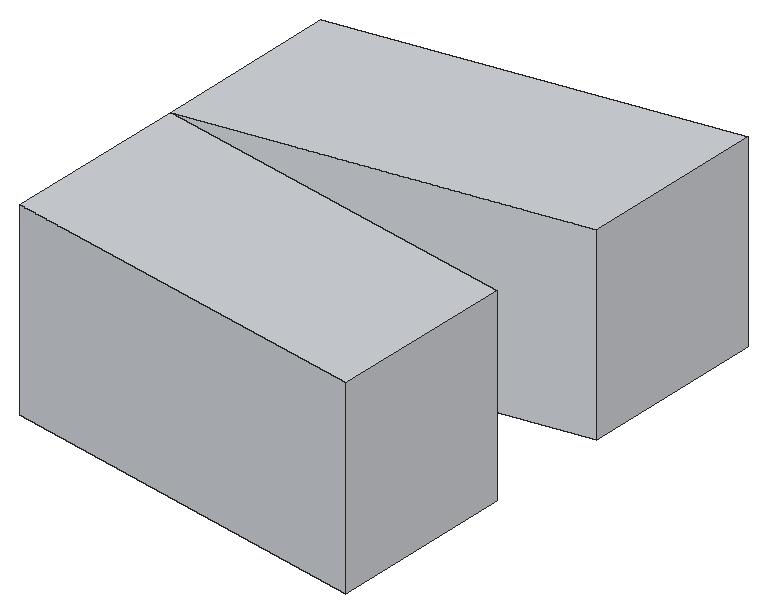
Revit family "M_Rectangular Transition Pants - DTL", category Duct Fittings, Revit 2014
Parameters (values of type "Standard")
  Width Out Right Visibility [instance] = not(Straight Out Right = 0 mm)  # no
  Width Out Right 2 [instance] = Set Right 4 + 0.5 * Width In  # 450 mm
  Width Out Left Visibility [instance] = not(Straight Out Left = 0 mm)  # no
  Set Top 5 [instance] = if(Crotch Height = 0 mm, 3048 mm - Depth In / 2 - Set Top 4, 3048 mm - Depth In / 2 - (Set Top - Set Top 4))  # 2823 mm
  Set Top 4 [instance] = if(Crotch Height = 0 mm, 0 mm, (Length - Crotch Height 2) * Set Top / Length)  # 0 mm
  Set Right 4 [instance] = if(Crotch Height = 0 mm, 0 mm, Crotch Height 2 * Set Right / Length)  # 0 mm
  Width Out Left 2 [instance] = Set Left 4 + 0.5 * Width In  # 450 mm
  Set Left 4 [instance] = if(Crotch Height = 0 mm, 0 mm, Crotch Height 2 * Set Left / Length)  # 0 mm
  Straight Out Right 2 [instance] = if(Straight Out Right > 0 mm, Length 2 - Straight Out Right, Length 2)  # 1800 mm
  Straight Out Right 1 [instance] = if(Straight Out Right > 0 mm, Straight Out Right, 25 mm)  # 25 mm
  Straight Out Right [instance] = 0 mm
  Straight Out Left 2 [instance] = if(Straight Out Left > 0 mm, Length 2 - Straight Out Left, Length 2)  # 1800 mm
  Straight Out Left 1 [instance] = if(Straight Out Left > 0 mm, Straight Out Left, 25 mm)  # 25 mm
  Straight Out Left [instance] = 0 mm
  Width In Visibility [instance] = not(Straight In = 0 mm)  # no
  Straight In 1 [instance] = if(Straight In > 0 mm, Straight In, 25 mm)  # 25 mm
  Set Right [instance] = 150 mm
  Set Left [instance] = 150 mm
  Set Top 1 [instance] = 3048 mm - Depth In / 2 - Set Top  # 2823 mm
  Width 1 [instance] = Width In + Set Left + Set Right - (Width Out Left + Width Out Right)  # 300 mm
  Width Out Right 1 [instance] = Length 3 - Set Right 1  # 3825 mm
  Width Out Left 1 [instance] = Set Left 1 + Length 3  # 4575 mm
  Width Out 1 [instance] = Width In + Set Left 4 + Set Right 4  # 900 mm
  Length 4 [instance] = if(Crotch Height < Length, Length - Crotch Height 2, 25 mm)  # 875 mm
  Length 3 [instance] = (Width In + Width Out Right + Width Out Left + Set Left + Set Right) * 2  # 4200 mm
  Length 2 [instance] = (Length + Straight Out) * 2  # 1800 mm
  Half Width Out 1 [instance] = Width Out 1 / 2  # 450 mm
  Half Width In [instance] = Width In / 2  # 450 mm
  Half Depth Out 1 [instance] = Depth Out 1 / 2  # 225 mm
  Half Depth In [instance] = Depth In / 2  # 225 mm
  Depth Out 3 [instance] = if(Depth In > Depth Out, Depth Out + Depth Out 2, Depth Out - Depth Out 2)  # 450 mm
  Depth Out 2 [instance] = if(Crotch Height = 0 mm, 0 mm, (Length - Crotch Height 2) * (Set Top + abs(Depth In - Depth Out)) / Length - Set Top 4)  # 0 mm
  Depth Out 1 [instance] = if(not(Crotch Height = 0 mm), Depth Out 3, Depth In)  # 450 mm
  Crotch Visibility [instance] = not(Crotch Height = 0 mm)  # no
  Crotch Height 1 [instance] = if(not(Crotch Height > 0 mm), 25 mm, Crotch Height)  # 25 mm
  Crotch Height 3 [instance] = if(Crotch Height = 0 mm, Length 2 + Length 1, Length 2 + Length 1 - Crotch Height 2)  # 2700 mm
  Set Right 1 [instance] = if(Width 1 > 0 mm, (Set Right + Width In / 2 - Width Out Right / 2), (Set Right - abs(Width 1) + Width In / 2 - Width Out Right / 2))  # 375 mm
  Set Left 1 [instance] = Set Left + Width In / 2 - Width Out Left / 2  # 375 mm
  Length 1 [instance] = if(Crotch Height < Length, Length, Crotch Height 2 + 25.4 mm)  # 900 mm
  Set Top 3 [instance] = if(Depth Out + Set Top 1 - 3048 mm < Depth In / 2, Depth In / 2, (Depth Out + Set Top 1 - 3048 mm))  # 225 mm
  Set Top 2 [instance] = if(3048 mm - Set Top 1 < Depth In / 2, Depth In / 2, (3048 mm - Set Top 1))  # 225 mm
  Half Width Out Right [instance] = Width Out Right / 2  # 225 mm
  Half Width Out Left [instance] = Width Out Left / 2  # 225 mm
  Half Depth Out [instance] = Depth Out / 2  # 225 mm
  Width Out Right [instance] = 450 mm
  Width Out Left [instance] = 450 mm
  Width In [instance] = 900 mm
  Length [instance] = 900 mm
  Straight Out [instance] = if(Straight Out Left > Straight Out Right, Straight Out Left, Straight Out Right)  # 0 mm
  Straight In [instance] = 0 mm
  Set Top [instance] = 0 mm
  Depth Out [instance] = 450 mm
  Depth In [instance] = 450 mm
  Crotch Height 2 [instance] = if(Crotch Height < Length, Crotch Height 1, Length)  # 25 mm
  Crotch Height [instance] = 0 mm
Reference planes
  plane 1 "Center (Front/Back)": y = 0
  plane 2: z = 0
  plane 3 "Center (Left/Right)": x = 0
  plane 4: z = 3048
  plane 5: x = 0
  plane 6: x = 900
  plane 7: y = 375
  plane 8: x = 900
  plane 9: y = -375
  plane 10: x = 2700
  plane 11: x = 0
  plane 12: z = 225
  plane 13: z = -225
  plane 14 "1": z = 0
  plane 15: z = 225
  plane 16: z = -25.4
  plane 17: y = -4200
  plane 18: x = 900
  plane 19: x = 25
  plane 20: x = 875
  plane 21: x = 875
  plane 22: x = 25
  plane 23: z = 225
  plane 24: z = 0
Forms (mm)
  Sweep 1, solid, visible <- "Width In Visibility", detail levels medium+fine
    path in 3D
      loop
        line (0, 0, 0) -> (25, 0, 0)
    profile origin (12.5, 0, 0) x (0, 1, 0) y (0, 0, 1)
      loop
        line (450, 225) -> (-450, 225) -> (-450, -225) -> (450, -225) -> (450, 225)
  Sweep 2, solid, visible <- "Width Out Left Visibility", detail levels medium+fine
    path in 3D
      loop
        line (875, 375, 0) -> (900, 375, 0)
    profile origin (887.5, 375, 0) x (0, 1, 0) y (0, 0, 1)
      loop
        line (225, 225) -> (-225, 225) -> (-225, -225) -> (225, -225) -> (225, 225)
  Sweep 3, solid, visible <- "Width Out Right Visibility", detail levels medium+fine
    path in 3D
      loop
        line (875, -375, 0) -> (900, -375, 0)
    profile origin (887.5, -375, 0) x (0, 1, 0) y (0, 0, 1)
      loop
        line (-225, 225) -> (-225, -225) -> (225, -225) -> (225, 225) -> (-225, 225)
  SweptBlend 4, solid, visible <- "Crotch Visibility", detail levels medium+fine
    path in 3D
      loop
        line (0, 0, 0) -> (25, 0, 0)
    profile origin (0, 0, 0) x (0, 1, 0) y (0, 0, 1)
      loop
        line (450, 225) -> (-450, 225) -> (-450, -225) -> (450, -225) -> (450, 225)
    end profile origin (25, 0, 0) x (0, 1, 0) y (0, 0, 1)
      loop
        line (450, 225) -> (-450, 225) -> (-450, -225) -> (450, -225) -> (450, 225)
  Blend 5, solid, detail levels medium+fine
    base sketch origin (0, 0, 0) x (0, 1, 0) y (0, 0, 1)
      loop
        line (600, 225) -> (150, 225) -> (150, -225) -> (600, -225) -> (600, 225)
    top sketch origin (0, 0, 0) x (0, 1, 0) y (0, 0, 1)
      loop
        line (450, 225) -> (0, 225) -> (0, -225) -> (450, -225) -> (450, 225)
    from 900 to 0
  Blend 6, solid, detail levels medium+fine
    base sketch origin (0, 0, 0) x (0, 1, 0) y (0, 0, 1)
      loop
        line (-150, 225) -> (-600, 225) -> (-600, -225) -> (-150, -225) -> (-150, 225)
    top sketch origin (0, 0, 0) x (0, 1, 0) y (0, 0, 1)
      loop
        line (0, 225) -> (-450, 225) -> (-450, -225) -> (0, -225) -> (0, 225)
    from 900 to 0
  Blend 7, solid, not visible
    base sketch origin (0, 0, 0) x (0, 1, 0) y (0, 0, 1)
      loop
        line (600, 225) -> (375, 225) -> (375, 0) -> (600, 0) -> (600, 225)
    top sketch origin (0, 0, 0) x (0, 1, 0) y (0, 0, 1)
      loop
        line (225, 225) -> (0, 225) -> (0, 0) -> (225, 0) -> (225, 225)
    from 900 to 0
  Blend 8, solid, not visible
    base sketch origin (0, 0, 0) x (0, 1, 0) y (0, 0, 1)
      loop
        line (-375, 225) -> (-600, 225) -> (-600, 0) -> (-375, 0) -> (-375, 225)
    top sketch origin (0, 0, 0) x (0, 1, 0) y (0, 0, 1)
      loop
        line (0, 225) -> (-225, 225) -> (-225, 0) -> (0, 0) -> (0, 225)
    from 900 to 0
  Blend 9, solid, not visible
    base sketch origin (0, 0, 0) x (0, 1, 0) y (0, 0, 1)
      loop
        line (450, 225) -> (0, 225) -> (0, 0) -> (450, 0) -> (450, 225)
    top sketch origin (0, 0, 0) x (0, 1, 0) y (0, 0, 1)
      loop
        line (450, 225) -> (0, 225) -> (0, 0) -> (450, 0) -> (450, 225)
    from 0 to 25
Lines and regions (mm)
  model lines, visible <- "Width In Visibility", detail levels coarse
    curve 1: line (0, 0, 0) -> (25, 0, 0)
  sketch lines
    curve 2: line (0, 0, 0) -> (25, 0, 0)
    curve 4: line (875, 375, 0) -> (900, 375, 0)
    curve 6: line (875, -375, 0) -> (900, -375, 0)
    curve 10: line (0, 0, 0) -> (25, 0, 0)
  reference lines
    curve 3: line (875, 375, 0) -> (900, 375, 0)
    curve 5: line (875, -375, 0) -> (900, -375, 0)
    curve 9: line (0, 0, 0) -> (25, 0, 0)
  model lines, visible <- "Width Out Left Visibility", detail levels coarse
    curve 7: line (875, 375, 0) -> (900, 375, 0)
  model lines, visible <- "Width Out Right Visibility", detail levels coarse
    curve 8: line (875, -375, 0) -> (900, -375, 0)
  model lines, detail levels coarse
    curve 11: line (0, 0, 0) -> (900, 375, 0)
    curve 12: line (0, 0, 0) -> (900, -375, 0)
  model lines, visible <- "Crotch Visibility", detail levels coarse
    curve 13: line (0, 0, 0) -> (25, 0, 0)
Dimensions and locks
  locked: plane 4 to plane 2 at 3048
  "Straight In": plane 3 "Center (Left/Right)" to plane 5
  "Length 1": plane 5 to plane 6
  equal spacing: Sweep 1 sketch curve, profile plane, Sweep 1 sketch curve  (x2)
  "Width In": Sweep 1 sketch curve to Sweep 1 sketch curve
  "Depth In": Sweep 1 sketch curve to Sweep 1 sketch curve
  equal spacing: Sweep 2 sketch curve, profile plane, Sweep 2 sketch curve
  "Width Out Left": Sweep 2 sketch curve to Sweep 2 sketch curve
  "Depth Out": Sweep 2 sketch curve to Sweep 2 sketch curve
  "Set Top 1": Sweep 2 sketch curve to plane 4
  equal spacing: Sweep 3 sketch curve, profile plane, Sweep 3 sketch curve
  "Width Out Right": Sweep 3 sketch curve to Sweep 3 sketch curve
  "Depth Out": Sweep 3 sketch curve to Sweep 3 sketch curve
  "Set Top 1": Sweep 3 sketch curve to plane 4
  "Length 2": plane 6 to plane 10
  "Crotch Height 3": plane 11 to plane 10
  "Set Top 2": plane 12 to plane 2
  "Set Top 3": plane 2 to plane 13
  "Set Top 1": plane 4 to plane 15
  "Half Depth Out": plane 15 to plane 14 "1"
  locked: plane 2 to plane 16 at 25.4
  "Length 3": plane 17 to plane 1 "Center (Front/Back)"
  "Width Out Left 1": plane 7 to plane 17
  "Width Out Right 1": plane 9 to plane 17
  "Straight In 1": plane 3 "Center (Left/Right)" to plane 19
  "Straight Out Left 1": plane 20 to plane 8
  "Straight Out Left 2": plane 8 to plane 10
  "Straight Out Right 2": plane 18 to plane 10
  "Straight Out Right 1": plane 21 to plane 18
  equal spacing: SweptBlend 4 sketch curve, plane 1 "Center (Front/Back)", SweptBlend 4 sketch curve
  "Width In": SweptBlend 4 sketch curve to SweptBlend 4 sketch curve
  "Depth In": SweptBlend 4 sketch curve to SweptBlend 4 sketch curve
  "Width Out 1": SweptBlend 4 sketch curve to SweptBlend 4 sketch curve
  "Width Out Left 2": SweptBlend 4 sketch curve to plane 1 "Center (Front/Back)"
  equal spacing: Blend 5 sketch curve, plane 7, Blend 5 sketch curve
  "Width Out Left": Blend 5 sketch curve to Blend 5 sketch curve
  "Depth Out": Blend 5 sketch curve to Blend 5 sketch curve
  "Width Out Left 2": Blend 5 sketch curve to Blend 5 sketch curve
  equal spacing: Blend 6 sketch curve, plane 9, Blend 6 sketch curve
  "Width Out Right": Blend 6 sketch curve to Blend 6 sketch curve
  "Set Top 1": Blend 6 sketch curve to plane 4
  "Depth Out": Blend 6 sketch curve to Blend 6 sketch curve
  "Width Out Right 2": Blend 6 sketch curve to Blend 6 sketch curve
  "Depth Out 1": Blend 6 sketch curve to Blend 6 sketch curve
  "Set Top 1": Blend 5 sketch curve to plane 4
  equal spacing: SweptBlend 4 sketch curve, profile plane, SweptBlend 4 sketch curve
  "Crotch Height 2": plane 5 to plane 22
  "Depth Out 1": SweptBlend 4 sketch curve to SweptBlend 4 sketch curve
  "Depth Out 1": Blend 5 sketch curve to Blend 5 sketch curve
  "Half Width Out Left": Blend 7 sketch curve to Blend 7 sketch curve  (x2)
  "Half Depth Out": Blend 7 sketch curve to Blend 7 sketch curve  (x2)
  "Half Width Out Right": Blend 8 sketch curve to Blend 8 sketch curve  (x2)
  "Half Depth Out": Blend 8 sketch curve to Blend 8 sketch curve  (x2)
  "Set Top 5": plane 4 to plane 23
  "Half Depth Out 1": plane 23 to plane 24
  equal spacing: Blend 6 sketch curve, plane 24, Blend 6 sketch curve
  equal spacing: SweptBlend 4 sketch curve, plane 24, SweptBlend 4 sketch curve
  equal spacing: Blend 5 sketch curve, plane 24, Blend 5 sketch curve
  "Half Width In": Blend 9 sketch curve to Blend 9 sketch curve
  "Half Depth In": Blend 9 sketch curve to Blend 9 sketch curve
  "Half Width Out 1": Blend 9 sketch curve to Blend 9 sketch curve
  "Half Depth Out 1": Blend 9 sketch curve to Blend 9 sketch curve
  aligned and locked: plane 1 "Center (Front/Back)" to curve 1
  aligned and locked: plane 3 "Center (Left/Right)" to curve 1
  aligned and locked: curve 3 to plane 8
  aligned and locked: curve 3 to plane 7
  aligned and locked: curve 5 to plane 9
  aligned and locked: curve 7 to plane 8
  aligned and locked: curve 7 to plane 7
  aligned and locked: curve 8 to plane 9
  aligned and locked: plane 18 to curve 5
  aligned and locked: plane 18 to curve 8
  aligned and locked: curve 7 to plane 20
  aligned and locked: curve 3 to plane 20
  aligned and locked: plane 21 to curve 8
  aligned and locked: plane 21 to curve 5
  aligned and locked: plane 1 "Center (Front/Back)" to curve 9
  aligned and locked: Blend 5 sketch curve to plane 1 "Center (Front/Back)"
  aligned and locked: plane 11 to Blend 5
  aligned and locked: plane 6 to Blend 5
  aligned and locked: plane 1 "Center (Front/Back)" to Blend 6 sketch curve
  aligned and locked: plane 6 to Blend 6
  aligned and locked: Blend 6 to plane 11
  aligned and locked: plane 22 to curve 9
  aligned and locked: plane 5 to curve 9
  aligned and locked: curve 8 to plane 14 "1"
  aligned and locked: curve 1 to plane 19
  aligned and locked: Blend 7 sketch curve to plane 1 "Center (Front/Back)"
  aligned: Blend 7 to plane 22
  aligned: Blend 7 to plane 20
  aligned and locked: plane 7 to Blend 7 sketch curve
  aligned and locked: plane 1 "Center (Front/Back)" to Blend 8 sketch curve
  aligned: Blend 8 to plane 22
  aligned: plane 18 to Blend 8  (x2)
  aligned: plane 21 to Blend 8
  aligned and locked: Blend 7 sketch curve to plane 14 "1"
  aligned and locked: plane 14 "1" to Blend 8 sketch curve
  aligned and locked: curve 11 to Blend 7
  aligned and locked: curve 12 to Blend 8
  aligned: Blend 7 to plane 8
  aligned and locked: plane 6 to Blend 7
  aligned and locked: plane 6 to Blend 8
  aligned and locked: plane 24 to Blend 8 sketch curve
  aligned and locked: plane 24 to Blend 7 sketch curve
  aligned: Blend 7 to plane 5
  aligned: Blend 8 to plane 5
  aligned and locked: Blend 7 to plane 11
  aligned and locked: Blend 8 to plane 11
  aligned and locked: plane 2 to Blend 9 sketch curve
  aligned and locked: Blend 9 sketch curve to plane 1 "Center (Front/Back)"  (x2)
  aligned and locked: plane 24 to Blend 9 sketch curve
  aligned: plane 11 to Blend 9
  aligned: Blend 9 to plane 5
  aligned: Blend 9 to plane 19
  aligned and locked: plane 22 to Blend 9
  aligned and locked: Blend 9 to plane 5
  aligned and locked: curve 13 to Blend 9
Automatic sketch dimensions
  Blend 8 sketch curve to plane 9 = 0 mm
  curve 11 to Blend 7 = 0 mm  (x2)
  curve 12 to Blend 8 = 0 mm  (x2)
  Blend 9 to curve 13 = 0 mm
  curve 13 to Blend 9 = 0 mm
Connectors
  hvac at (0, 0, 0), driven by "Depth In", driven by "Width In"
    settings: on Sweep 1, index 1, duct flow 0.0 L/s, flow factor 0, pres drop 0.0 Pa, loss coef 0, conn angle 0.00°, conn width 900 mm, conn height 450 mm, conn diameter 609.6 mm, duct sys type 28, conn prof type 1, flow config 0, flow direction 0, loss method 0, conn ref index -1, conn util no, is conn primary yes, conn desc ""
  hvac at (900, 375, 0), driven by "Width Out Left", driven by "Depth Out"
    settings: on Sweep 2, index 2, duct flow 0.0 L/s, flow factor 0, pres drop 0.0 Pa, loss coef 0, conn angle 0.00°, conn width 450 mm, conn height 450 mm, conn diameter 609.6 mm, duct sys type 28, conn prof type 1, flow config 0, flow direction 0, loss method 0, conn ref index -1, conn util no, is conn primary no, conn desc ""
  hvac at (900, -375, 0), driven by "Width Out Right", driven by "Depth Out"
    settings: on Sweep 3, index 3, duct flow 0.0 L/s, flow factor 0, pres drop 0.0 Pa, loss coef 0, conn angle 0.00°, conn width 450 mm, conn height 450 mm, conn diameter 609.6 mm, duct sys type 28, conn prof type 1, flow config 0, flow direction 0, loss method 0, conn ref index -1, conn util no, is conn primary no, conn desc ""
